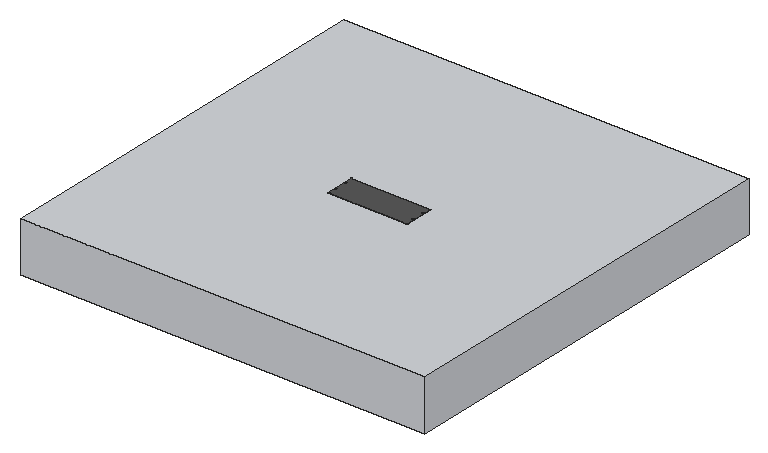
Revit family
Parameters (values of type "PNL-BLNK-4")
  Weight = 1.000 lbf
  U/M = "EA"
  U Space = "4"
  System = "Racks, Cable Mgt & RouteIT"
  Serial Number = "PNL-BLNK-4"
  Segment = "CSS"
  Ports = "0"
  Model = "RACK"
  Metal = none
  Manufacturer = "SIEMON"
  Loaded/Empty = "N/A"
  Item Group = "RACKS"
  Item Class = "1B"
  Description = "BLANK FILLER PANEL, 4 RMS"
  Default Elevation = 4' - 0"
  Color = "Black"
Reference planes (in)
  plane 1 "Center (Front/Back)": y = 0
  plane 2: z = 0
  plane 3 "Center (Left/Right)": x = 0
Forms (in)
  Extrusion 1, solid
    sketch origin (0, 0, 0) x (1, 0, 0) y (0, 1, 0)
      loop
        line (-48, 48) -> (-48, -48) -> (48, -48) -> (48, 48) -> (-48, 48)
    from 0 to -12
Dimensions and locks (in)
  aligned and locked: plane 2 to Extrusion 1
  aligned and locked: level to Extrusion 1
Nested families (in)
  nested 1: "PNL-BLNK-4[1]" at (0, -1.45648, 0), type "PNL-BLNK-4[1]"
Definition of nested family "PNL-BLNK-4[1]"
  Parameters (values of type "PNL-BLNK-4[1]")
    Weight = "0.5 kgs (1.2 lbs)"
    UL Rating = "UL 1863"
    U Space / Capacity = "4U"
    Part Number = "PNL-BLNK-4"
    Material = Black Anodized Aluminum
    Manufacturer Contact Info / Website = "www.siemon.com"
    Manufacturer = "Siemon"
    Dimensions (H x W x D) = "178mm x 483mm x 2.54mm\r\n(7.0 in. x 19.0 in. x 0.1 in.)"
    Description = "Blank Filler Panel"
    "A" = "7.00"
  Reference planes (in)
    plane 1 "Center (Front/Back)": y = 1.45648
    plane 2: z = -0.06738
    plane 3 "Center (Left/Right)": x = 0
  Forms (in)
    Extrusion 1, solid, material "Black Anodized Aluminum" <- "Material"
      sketch origin (0, -0.02947, 0.02947) x (1, 0, 0) y (0, 1, 0)
        loop
          line (9.38, 3.495) -> (-9.38, 3.495)
          arc (-9.38, 3.495) -> (-9.46485, 3.45985) -> (-9.5, 3.375) r 0.12
          line (-9.5, 3.375) -> (-9.5, -3.375)
          arc (-9.5, -3.375) -> (-9.46485, -3.45985) -> (-9.38, -3.495) r 0.12
          line (-9.38, -3.495) -> (9.38, -3.495)
          arc (9.38, -3.495) -> (9.46485, -3.45985) -> (9.5, -3.375) r 0.12
          line (9.5, -3.375) -> (9.5, 3.375)
          arc (9.5, 3.375) -> (9.46485, 3.45985) -> (9.38, 3.495) r 0.12
        loop
          arc (-9.101, -1.64) -> (-8.961, -1.5) -> (-9.101, -1.36) r 0.14
          line (-9.101, -1.36) -> (-9.227, -1.36)
          arc (-9.227, -1.36) -> (-9.367, -1.5) -> (-9.227, -1.64) r 0.14
          line (-9.227, -1.64) -> (-9.101, -1.64)
        loop
          arc (-9.227, 1.64) -> (-9.367, 1.5) -> (-9.227, 1.36) r 0.14
          line (-9.227, 1.36) -> (-9.101, 1.36)
          arc (-9.101, 1.36) -> (-8.961, 1.5) -> (-9.101, 1.64) r 0.14
          line (-9.101, 1.64) -> (-9.227, 1.64)
        loop
          arc (9.101, 1.64) -> (8.961, 1.5) -> (9.101, 1.36) r 0.14
          line (9.101, 1.36) -> (9.227, 1.36)
          arc (9.227, 1.36) -> (9.367, 1.5) -> (9.227, 1.64) r 0.14
          line (9.227, 1.64) -> (9.101, 1.64)
        loop
          arc (9.101, -1.36) -> (8.961, -1.5) -> (9.101, -1.64) r 0.14
          line (9.101, -1.64) -> (9.227, -1.64)
          arc (9.227, -1.64) -> (9.367, -1.5) -> (9.227, -1.36) r 0.14
          line (9.227, -1.36) -> (9.101, -1.36)
      from 0 to 0.1
  Lines and regions (in)
    reference lines
      curve 1: line (-9.2252, 1.45648, 4.65545) -> (-9.2252, 1.45648, -4.59652)
      curve 2: line (9.08188, 1.45648, 4.65545) -> (9.08188, 1.45648, -4.59652)
      curve 3: line (-11.19371, 1.45648, -0.06738) -> (10.65669, 1.45648, -0.06738)
  Dimensions and locks (in)
    curve 1 to plane 3 "Center (Left/Right)" = 0' - 9.2252"
    plane 3 "Center (Left/Right)" to curve 2 = 0' - 9.08188"
